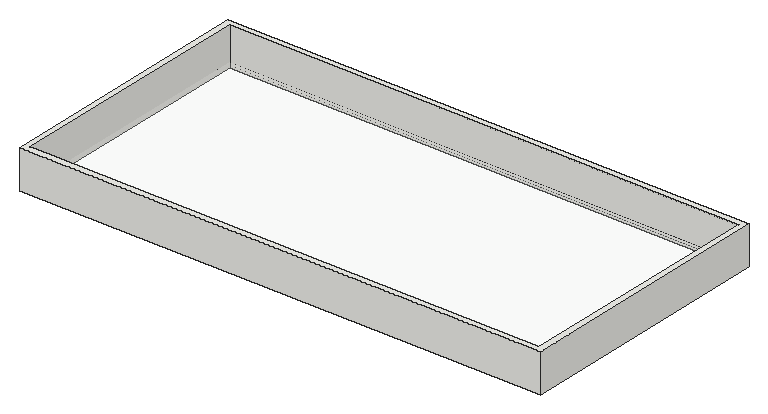
Revit family
Parameters (values of type "0600 x 1200mm(2 램프)")
  Wattage = 80 W
  built-in parameter 1150110 = 1 (stored number, unit not read)
  built-in parameter 1114217 = 1 (stored number, unit not read)
  built-in parameter 1150109 = 1 (stored number, unit not read)
  built-in parameter 1150134 = 8
  built-in parameter 1150113 = 1 (stored number, unit not read)
  built-in parameter 1150115 = 1 (stored number, unit not read)
  built-in parameter 1150105 = 1655.2 (stored number, unit not read)
  Light Source Symbol Size = 609.60 mm
  built-in parameter 1150137 = (empty or 0)
  built-in parameter 1150139 = (empty or 0)
  built-in parameter 1150112 = 1 (stored number, unit not read)
  built-in parameter 1150114 = 1 (stored number, unit not read)
  built-in parameter 1150132 = (empty or 0)
  built-in parameter 1150102 = (empty or 0)
  built-in parameter 1150138 = (empty or 0)
  built-in parameter 1150107 = 4230 (stored number, unit not read)
  built-in parameter 1150106 = 16.552 (stored number, unit not read)
  Emit from Rectangle Width = 폭  # 600.00 mm
  Emit from Rectangle Length = 길이  # 1200.00 mm
  Emit Shape Visible in Rendering = no
  built-in parameter 1150104 = 6.0387 (stored number, unit not read)
  Dimming Lamp Color Temperature Shift = (empty or 0)
  디퓨저 = 유리 - 흰색, 높은 휘도
  Lamp = "T-12"
  길이 = 1200.00 mm
  조명 상자 = 금속 - 페인트 마감 - 아이보리색, 광택
  Lumens = 5200 lm
  폭 = 600.00 mm
  Color Filter = 16777215
  built-in parameter 1114218 = 1 (stored number, unit not read)
  built-in parameter 1150133 = 10 (stored number, unit not read)
Types (5, lengths in mm): name | Wattage | built-in parameter 1150105 | built-in parameter 1150106 | Emit from Rectangle Width | Emit from Rectangle Length | built-in parameter 1150104 | 길이 | Lumens | 폭
  (no name) | 80 W | 1655.2 (stored number, unit not read) | 16.552 (stored number, unit not read) | 600.00 | 1200.00 | 6.0387 (stored number, unit not read) | 1200.00 | 5200 lm | 600.00
  0300 x 1200mm(1 램프) | 40 W | 1002.7 (stored number, unit not read) | 10.027 (stored number, unit not read) | 300.00 | 1200.00 | 7.3161 (stored number, unit not read) | 1200.00 | 3150 lm | 300.00
  0300 x 1200mm(2 램프) | 80 W | 2005.4 (stored number, unit not read) | 20.054 (stored number, unit not read) | 300.00 | 1200.00 | 7.3161 (stored number, unit not read) | 1200.00 | 6300 lm | 300.00
  0600 x 1200mm(2 램프) | 80 W | 1655.2 (stored number, unit not read) | 16.552 (stored number, unit not read) | 600.00 | 1200.00 | 6.0387 (stored number, unit not read) | 1200.00 | 5200 lm | 600.00
  0600 x 0600mm(2 램프) | 40 W | 827.61 (stored number, unit not read) | 8.2761 (stored number, unit not read) | 600.00 | 600.00 | 6.0387 (stored number, unit not read) | 600.00 | 2600 lm | 600.00
Reference planes
  plane 1 "광원 축": y = 0
  plane 2 "천장": z = 2438.4
  plane 3 "광원 축": x = 0
  plane 4 "광원 입면도": z = 2387.6
  plane 5: x = -600
  plane 6: x = 600
  plane 7: y = 300
  plane 8: y = -300
  plane 9: z = 2349.5
  plane 10: z = 2355.85
  plane 11: z = 2362.2
Forms (mm)
  Extrusion 1, solid, material "금속 - 페인트 마감 - 아이보리색, 광택" <- "조명 상자"
    sketch origin (0, 0, 2438.4) x (1, 0, 0) y (0, 1, 0)
      loop
        line (-600, 300) -> (-600, -300) -> (600, -300) -> (600, 300) -> (-600, 300)
      loop
        line (-587.3, 287.3) -> (-587.3, -287.3) -> (587.3, -287.3) -> (587.3, 287.3) -> (-587.3, 287.3)
    from 0 to -88.9
  Extrusion 2, solid, material "유리 - 흰색, 높은 휘도" <- "디퓨저"
    sketch origin (0, 0, 2438.4) x (1, 0, 0) y (0, 1, 0)
      loop
        line (-587.3, 287.3) -> (-587.3, -287.3) -> (587.3, -287.3) -> (587.3, 287.3) -> (-587.3, 287.3)
    from -82.55 to -76.2
Lines and regions (mm)
  sketch lines
    curve 1: line (-1524, 1524, 0) -> (1524, 1524, 0)
    curve 2: line (-1524, 1524, 0) -> (-1524, -1524, 0)
    curve 3: line (-1524, -1524, 0) -> (1524, -1524, 0)
    curve 4: line (1524, 1524, 0) -> (1524, -1524, 0)
  symbolic lines
    curve 5: line (-600, 300, 2438.4) -> (600, 300, 2438.4)
    curve 6: line (-600, -300, 2438.4) -> (-600, 300, 2438.4)
    curve 7: line (600, -300, 2438.4) -> (-600, -300, 2438.4)
    curve 8: line (600, 300, 2438.4) -> (600, -300, 2438.4)
    curve 9: line (-574.6, 274.6, 2438.4) -> (574.6, 274.6, 2438.4)
    curve 10: line (-574.6, -274.6, 2438.4) -> (-574.6, 274.6, 2438.4)
    curve 11: line (574.6, -274.6, 2438.4) -> (-574.6, -274.6, 2438.4)
    curve 12: line (574.6, 274.6, 2438.4) -> (574.6, -274.6, 2438.4)
Dimensions and locks
  equal spacing: curve 2, plane 3 "광원 축", curve 4
  equal spacing: curve 3, plane 1 "광원 축", curve 1
  curve 2 to curve 4 = 3048.00 mm
  curve 3 to curve 1 = 3048.00 mm
  "길이": plane 5 to plane 6
  equal spacing: plane 8, plane 1 "광원 축", plane 7
  "폭": plane 8 to plane 7
  equal spacing: plane 5, plane 3 "광원 축", plane 6
  locked: plane 2 "천장" to plane 9 at 88.9
  plane 11 to plane 10 to plane 9 = 6.35 mm locked, 6.35 mm locked
  aligned and locked: plane 2 "천장" to Extrusion 1
  aligned and locked: plane 10 to Extrusion 2
  aligned and locked: Extrusion 2 to plane 11
  aligned and locked: plane 3 "광원 축" to imposter light
  aligned and locked: plane 1 "광원 축" to imposter light
  aligned and locked: plane 4 "광원 입면도" to imposter light
Automatic sketch dimensions
  Extrusion 1 sketch curve to plane 5 = 0.00 mm
  Extrusion 1 sketch curve to plane 6 = 0.00 mm
  Extrusion 1 sketch curve to plane 8 = 0.00 mm
  Extrusion 1 sketch curve to plane 7 = 0.00 mm
  Extrusion 1 sketch curve to plane 5 = 12.70 mm
  plane 6 to Extrusion 1 sketch curve = 12.70 mm
  Extrusion 1 sketch curve to Extrusion 1 sketch curve = 12.70 mm  (x2)
  curve 6 to plane 5 = 0.00 mm
  curve 5 to plane 6 = 0.00 mm
  curve 8 to plane 8 = 0.00 mm
  curve 5 to plane 7 = 0.00 mm
  curve 10 to plane 5 = 25.40 mm
  plane 6 to curve 12 = 25.40 mm
  curve 7 to curve 11 = 25.40 mm
  curve 9 to curve 5 = 25.40 mm
  Extrusion 2 sketch curve to plane 5 = 12.70 mm
  plane 6 to Extrusion 2 sketch curve = 12.70 mm
  Extrusion 2 sketch curve to plane 8 = 12.70 mm
  plane 7 to Extrusion 2 sketch curve = 12.70 mm
